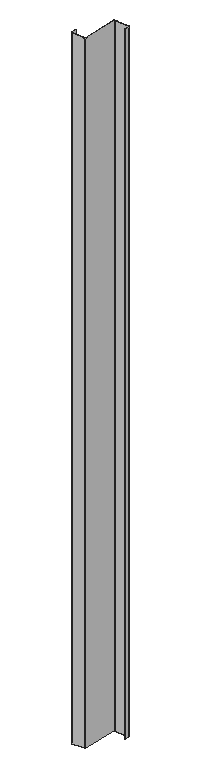
Revit family "M_Manômetro de luz-Coluna de Zs", category Pilares estruturais, Revit 2019
Family settings
  Forma do corte = Não definido
  Material para o comportamento do modelo = Aço
  Exportar sempre como geometria = Não
  Redução da viga na planta = Da caixa de vinculação
  Número OmniClass = 23.25.30.11.14.11
  Título OmniClass = Columns
  ID de item do Seek = Light Gauge-Zeds-Column-0000-CAN-ENU
  Corte com vazios quando carregada = Não
  Representação simbólica = Das configurações de projeto
  Compartilhado = Não
  Exibir o pré-corte da família na vista da planta = Sim
Parameters (values of type "142 Z 13")
  t = 1.3 mm
  d2 = 21 mm
  d1 = 19 mm
  W = 0
  Structural Material [instance] = Metal - Manômetro de luz
  D = 142 mm
  B2 = 55 mm
  B1 = 60 mm
  Código de montagem = "B10"
  A = 0.00 m²
Reference planes
  plane 1 "Centro (Frente/Trás)": y = 0
  plane 2: z = 0
  plane 3 "Centro (Esquerda/Direita)": x = 0
  plane 4 "Direita": x = 60
  plane 5 "Esquerda": x = -55
  plane 6 "Superior": y = 71
  plane 7 "Inferior": y = -71
  plane 8: y = 52
  plane 9: y = -50
Forms (mm)
  Extrusion 1, solid, material "Metal - Manômetro de luz" <- "Structural Material", detail levels medium
    sketch origin (36.512, -15.875, 0) x (0, 1, 0) y (-1, 0, 0)
      loop
        line (86.875, -23.487) -> (86.875, 37.813) -> (-53.825, 37.813) -> (-53.825, 90.213) -> (-34.125, 90.213) -> (-34.125, 91.513) -> (-55.125, 91.513) -> (-55.125, 36.513) -> (85.575, 36.513) -> (85.575, -22.187) -> (67.875, -22.187) -> (67.875, -23.487) -> (86.875, -23.487)
    from 0 to 2500
  Extrusion 2, solid, material "Metal - Manômetro de luz" <- "Structural Material", detail levels fine
    sketch origin (0, 0, 0) x (1, 0, 0) y (0, 1, 0)
      loop
        line (56.7, 71) -> (2, 71)
        arc (2, 71) -> (-0.333, 70.033) -> (-1.3, 67.7) r 3.3
        line (-1.3, 67.7) -> (-1.3, -67.7)
        arc (-1.3, -67.7) -> (-1.886, -69.114) -> (-3.3, -69.7) r 2
        line (-3.3, -69.7) -> (-51.7, -69.7)
        arc (-51.7, -69.7) -> (-53.114, -69.114) -> (-53.7, -67.7) r 2
        line (-53.7, -67.7) -> (-53.7, -50) -> (-55, -50) -> (-55, -67.7)
        arc (-55, -67.7) -> (-54.033, -70.033) -> (-51.7, -71) r 3.3
        line (-51.7, -71) -> (-3.3, -71)
        arc (-3.3, -71) -> (-0.967, -70.033) -> (0, -67.7) r 3.3
        line (0, -67.7) -> (0, 67.7)
        arc (0, 67.7) -> (0.586, 69.114) -> (2, 69.7) r 2
        line (2, 69.7) -> (56.7, 69.7)
        arc (56.7, 69.7) -> (58.114, 69.114) -> (58.7, 67.7) r 2
        line (58.7, 67.7) -> (58.7, 52) -> (60, 52) -> (60, 67.7)
        arc (60, 67.7) -> (59.033, 70.033) -> (56.7, 71) r 3.3
    from 0 to 2500
Lines and regions (mm)
  symbolic lines, style "StructuralColumnStickSymbols", detail levels coarse
    curve 1: line (-55, -50, 0) -> (-55, -71, 0)
    curve 2: line (-55, -71, 0) -> (0, -71, 0)
    curve 3: line (0, -71, 0) -> (0, 71, 0)
    curve 4: line (0, 71, 0) -> (60, 71, 0)
    curve 5: line (60, 71, 0) -> (60, 52, 0)
  symbolic lines, style "Faces ocultas", detail levels medium+fine
    curve 6: line (0, 0, 2500) -> (0, 0, 0)
    curve 7: line (-1.3, 0, 2500) -> (-1.3, 0, 0)
    curve 8: line (58.7, 0, 2500) -> (58.7, 0, 0)
    curve 9: line (-53.7, 0, 2500) -> (-53.7, 0, 0)
    curve 10: line (0, 69.7, 2500) -> (0, 69.7, 0)
    curve 11: line (0, 52, 2500) -> (0, 52, 0)
    curve 12: line (0, -50, 2500) -> (0, -50, 0)
    curve 13: line (0, -69.7, 2500) -> (0, -69.7, 0)
Dimensions and locks
  "B1": plane 3 "Centro (Esquerda/Direita)" to plane 4 "Direita"
  "B2": plane 5 "Esquerda" to plane 3 "Centro (Esquerda/Direita)"
  "d1": plane 6 "Superior" to plane 8
  "d2": plane 7 "Inferior" to plane 9
  equal spacing: plane 6 "Superior", plane 1 "Centro (Frente/Trás)", plane 7 "Inferior"
  "D": plane 6 "Superior" to plane 7 "Inferior"
  "t": Extrusion 1 sketch curve to Extrusion 1 sketch curve  (x5)
  "t": Extrusion 2 sketch curve to Extrusion 2 sketch curve  (x5)
  aligned and locked: level to Extrusion 1  (x4)
  aligned and locked: level to plane 2
  aligned and locked: Extrusion 1 to plane 2
  aligned and locked: Extrusion 1 to level  (x4)
  aligned and locked: level to Extrusion 2
  aligned and locked: Extrusion 2 to level
  aligned and locked: Extrusion 1 sketch curve to plane 3 "Centro (Esquerda/Direita)"
  aligned and locked: plane 6 "Superior" to Extrusion 1 sketch curve
  aligned and locked: plane 7 "Inferior" to Extrusion 1 sketch curve
  aligned and locked: plane 5 "Esquerda" to Extrusion 1 sketch curve
  aligned and locked: plane 4 "Direita" to Extrusion 1 sketch curve
  aligned and locked: plane 9 to Extrusion 1 sketch curve
  aligned and locked: plane 8 to Extrusion 1 sketch curve
  aligned and locked: Extrusion 1 to plane 5 "Esquerda"
  aligned and locked: Extrusion 1 to plane 4 "Direita"
  aligned and locked: plane 6 "Superior" to Extrusion 1  (x2)
  aligned and locked: Extrusion 1 to plane 7 "Inferior"
  aligned and locked: plane 6 "Superior" to Extrusion 2 sketch curve
  aligned and locked: Extrusion 2 sketch curve to plane 3 "Centro (Esquerda/Direita)"
  aligned and locked: plane 7 "Inferior" to Extrusion 2 sketch curve
  aligned and locked: plane 5 "Esquerda" to Extrusion 2 sketch curve  (x2)
  aligned and locked: plane 4 "Direita" to Extrusion 2 sketch curve  (x2)
  aligned and locked: plane 9 to Extrusion 2 sketch curve  (x2)
  aligned and locked: plane 8 to Extrusion 2 sketch curve  (x2)
  aligned and locked: Extrusion 1 to curve 1
  aligned and locked: curve 1 to Extrusion 1
  aligned and locked: curve 2 to Extrusion 1
  aligned and locked: curve 3 to Extrusion 1
  aligned and locked: curve 4 to plane 6 "Superior"
  aligned and locked: curve 5 to Extrusion 1
  aligned and locked: Extrusion 2 to plane 4 "Direita"
  aligned and locked: plane 3 "Centro (Esquerda/Direita)" to Extrusion 1
  aligned and locked: curve 9 to Extrusion 2
  aligned and locked: curve 8 to Extrusion 2
  aligned and locked: plane 3 "Centro (Esquerda/Direita)" to curve 6
  aligned and locked: curve 7 to Extrusion 1
  aligned and locked: Extrusion 2 to curve 8  (x2)
  aligned and locked: Extrusion 2 to curve 7  (x2)
  aligned and locked: Extrusion 2 to curve 6  (x2)
  aligned and locked: Extrusion 2 to curve 9  (x2)
  aligned and locked: curve 10 to Extrusion 1
  aligned and locked: curve 11 to Extrusion 2
  aligned and locked: curve 12 to Extrusion 2
  aligned and locked: curve 13 to Extrusion 1
  aligned and locked: Extrusion 2 to curve 11  (x2)
  aligned and locked: Extrusion 2 to curve 10  (x2)
  aligned and locked: Extrusion 2 to curve 12  (x2)
  aligned and locked: Extrusion 2 to curve 13  (x2)
Automatic sketch dimensions
  curve 5 to plane 8 = 0 mm
  Extrusion 2 sketch curve to Extrusion 2 sketch curve = 0 mm  (x6)
  Extrusion 2 sketch curve to Extrusion 2 sketch curve = 2 mm  (x3)
  plane 3 "Centro (Esquerda/Direita)" to Extrusion 2 sketch curve = 2 mm
Types in the file's own list only (40): name | t | d2 | d1 | D | B2 | B1
  142 Z 14 | 1 mm | 21 mm | 19 mm | 142 mm | 55 mm | 60 mm
  142 Z 15 | 2 mm | 21 mm | 19 mm | 142 mm | 55 mm | 60 mm
  142 Z 16 | 2 mm | 21 mm | 19 mm | 142 mm | 55 mm | 60 mm
  142 Z 18 | 2 mm | 21 mm | 19 mm | 142 mm | 55 mm | 60 mm
  142 Z 20 | 2 mm | 21 mm | 19 mm | 142 mm | 55 mm | 60 mm
  172 Z 13 | 1 mm | 21 mm | 19 mm | 172 mm | 60 mm | 65 mm
  172 Z 14 | 1 mm | 21 mm | 19 mm | 172 mm | 60 mm | 65 mm
  172 Z 15 | 2 mm | 21 mm | 19 mm | 172 mm | 60 mm | 65 mm
  172 Z 16 | 2 mm | 21 mm | 19 mm | 172 mm | 60 mm | 65 mm
  172 Z 18 | 2 mm | 21 mm | 19 mm | 172 mm | 60 mm | 65 mm
  172 Z 20 | 2 mm | 21 mm | 19 mm | 172 mm | 60 mm | 65 mm
  172 Z 23 | 2 mm | 21 mm | 19 mm | 172 mm | 60 mm | 65 mm
  172 Z 25 | 3 mm | 21 mm | 19 mm | 172 mm | 60 mm | 65 mm
  202 Z 14 | 1 mm | 21 mm | 19 mm | 202 mm | 60 mm | 65 mm
  202 Z 15 | 2 mm | 21 mm | 19 mm | 202 mm | 60 mm | 65 mm
  202 Z 16 | 2 mm | 21 mm | 19 mm | 202 mm | 60 mm | 65 mm
  202 Z 18 | 2 mm | 21 mm | 19 mm | 202 mm | 60 mm | 65 mm
  202 Z 20 | 2 mm | 21 mm | 19 mm | 202 mm | 60 mm | 65 mm
  202 Z 23 | 2 mm | 21 mm | 19 mm | 202 mm | 60 mm | 65 mm
  202 Z 25 | 3 mm | 21 mm | 19 mm | 202 mm | 60 mm | 65 mm
  232 Z 15 | 2 mm | 21 mm | 19 mm | 232 mm | 69 mm | 75 mm
  232 Z 16 | 2 mm | 21 mm | 19 mm | 232 mm | 69 mm | 75 mm
  232 Z 18 | 2 mm | 21 mm | 19 mm | 232 mm | 69 mm | 75 mm
  232 Z 20 | 2 mm | 21 mm | 19 mm | 232 mm | 69 mm | 75 mm
  232 Z 23 | 2 mm | 21 mm | 19 mm | 232 mm | 69 mm | 75 mm
  232 Z 25 | 3 mm | 21 mm | 19 mm | 232 mm | 69 mm | 75 mm
  262 Z 16 | 2 mm | 21 mm | 19 mm | 262 mm | 72 mm | 80 mm
  262 Z 18 | 2 mm | 21 mm | 19 mm | 262 mm | 72 mm | 80 mm
  262 Z 20 | 2 mm | 21 mm | 19 mm | 262 mm | 72 mm | 80 mm
  262 Z 23 | 2 mm | 21 mm | 19 mm | 262 mm | 72 mm | 80 mm
  262 Z 25 | 3 mm | 21 mm | 19 mm | 262 mm | 72 mm | 80 mm
  262 Z 29 | 3 mm | 21 mm | 19 mm | 262 mm | 72 mm | 80 mm
  302 Z 20 | 2 mm | 22 mm | 20 mm | 302 mm | 82 mm | 90 mm
  302 Z 23 | 2 mm | 22 mm | 20 mm | 302 mm | 82 mm | 90 mm
  302 Z 25 | 3 mm | 22 mm | 20 mm | 302 mm | 82 mm | 90 mm
  302 Z 29 | 3 mm | 22 mm | 20 mm | 302 mm | 82 mm | 90 mm
  342 Z 23 | 2 mm | 22 mm | 20 mm | 342 mm | 92 mm | 100 mm
  342 Z 25 | 3 mm | 22 mm | 20 mm | 342 mm | 92 mm | 100 mm
  342 Z 29 | 3 mm | 22 mm | 20 mm | 342 mm | 92 mm | 100 mm
  342 Z 32 | 3 mm | 22 mm | 20 mm | 342 mm | 92 mm | 100 mm
